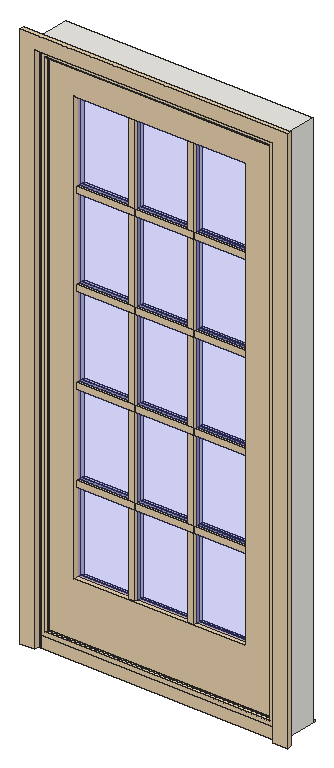
Revit family "1Door-Inswing-Andersen-400_Series-Stationary", category Doors, host Wall, Revit 2013 (continued)
Dimensions and locks (in)
  aligned and locked: plane 9 "Frame S2" to Masking region 3 sketch curve
  aligned and locked: level to Masking region 3 sketch curve
  aligned and locked: plane 12 "Casing S1" to Masking region 4 sketch curve
  aligned and locked: plane 18 "R Casing 3" to Masking region 4 sketch curve
  aligned and locked: Masking region 4 sketch curve to plane 19 "R Casing 4"
  aligned and locked: plane 16 "R Casing 1" to Masking region 4 sketch curve
  aligned and locked: plane 3 "R Frame" to Masking region 4 sketch curve
  aligned and locked: Masking region 4 sketch curve to plane 11 "Casing S2"
  aligned and locked: plane 17 "R Casing 2" to Masking region 4 sketch curve
  aligned and locked: Masking region 4 sketch curve to plane 12 "Casing S1"
  aligned and locked: plane 24 "L Casing 2" to Masking region 5 sketch curve
  aligned and locked: plane 12 "Casing S1" to Masking region 5 sketch curve  (x2)
  aligned and locked: Masking region 5 sketch curve to plane 22 "L Casing 4"
  aligned and locked: plane 4 "L Frame" to Masking region 5 sketch curve
  aligned and locked: plane 25 "L Casing 1" to Masking region 5 sketch curve
  aligned and locked: plane 11 "Casing S2" to Masking region 5 sketch curve
  aligned and locked: plane 23 "L Casing 3" to Masking region 5 sketch curve
  aligned and locked: Masking region 6 sketch curve to plane 12 "Casing S1"
  aligned and locked: Masking region 6 sketch curve to plane 19 "R Casing 4"
  aligned and locked: plane 10 "Flange" to Masking region 6 sketch curve
  aligned and locked: plane 3 "R Frame" to Masking region 6 sketch curve
  aligned and locked: Masking region 7 sketch curve to plane 12 "Casing S1"
  aligned and locked: Masking region 7 sketch curve to plane 4 "L Frame"
  aligned and locked: plane 10 "Flange" to Masking region 7 sketch curve
  aligned and locked: plane 22 "L Casing 4" to Masking region 7 sketch curve
  aligned and locked: curve 4 to plane 5 "T Frame"
  aligned and locked: level to Extrusion 5 sketch curve  (x2)
  aligned and locked: Extrusion 5 sketch curve to plane 33 "R Int Casing"
  aligned and locked: plane 39 "T Int Casing" to Extrusion 5 sketch curve
  aligned and locked: plane 36 "L Int Casing" to Extrusion 5 sketch curve
  aligned and locked: Extrusion 5 to host wall
  aligned and locked: Extrusion 5 to plane 8 "Interior Casing"
  aligned and locked: level to Extrusion 6 sketch curve  (x2)
  aligned and locked: Extrusion 6 sketch curve to plane 34 "R Xjamb 2"
  aligned and locked: plane 40 "T Xjamb 2" to Extrusion 6 sketch curve
  aligned and locked: plane 37 "L Xjamb 2" to Extrusion 6 sketch curve
  aligned and locked: plane 52 "Xjamb S1" to Extrusion 6
  aligned and locked: host wall to Extrusion 6
  aligned and locked: plane 10 "Flange" to Masking region 4 sketch curve
  aligned and locked: Masking region 5 sketch curve to plane 10 "Flange"
  aligned and locked: level to Sweep 7 sketch curve  (x2)
  aligned and locked: plane 4 "L Frame" to Sweep 7 sketch curve  (x2)
  aligned and locked: Sweep 7 sketch curve to plane 3 "R Frame"
  aligned and locked: plane 5 "T Frame" to Sweep 7 sketch curve
  aligned and locked: plane 5 "T Frame" to Sweep 8 sketch curve
  aligned and locked: plane 4 "L Frame" to Sweep 8 sketch curve  (x2)
  aligned and locked: Sweep 8 sketch curve to plane 3 "R Frame"
  aligned and locked: Sweep 8 sketch curve to plane 53 "Frame S1"
  aligned and locked: plane 9 "Frame S2" to Sweep 8 sketch curve
  aligned and locked: plane 4 "L Frame" to Sweep 9 sketch curve
  aligned and locked: plane 3 "R Frame" to Sweep 9 sketch curve
  aligned and locked: Sweep 9 sketch curve to level
  aligned and locked: plane 4 "L Frame" to Sweep 10 sketch curve
  aligned and locked: plane 3 "R Frame" to Sweep 10 sketch curve
  aligned and locked: plane 45 "B Panel" to Sweep 10 sketch curve  (x2)
  aligned and locked: plane 56 "Sill Interior" to Sweep 10 sketch curve
  aligned and locked: Sweep 10 sketch curve to plane 57 "Sill Exterior"
  aligned and locked: level to Sweep 10 sketch curve
  aligned and locked: Masking region 2 sketch curve to plane 57 "Sill Exterior"
  aligned and locked: plane 56 "Sill Interior" to Masking region 2 sketch curve
  aligned and locked: plane 9 "Frame S2" to curve 5
  aligned and locked: Masking region 8 sketch curve to plane 19 "R Casing 4"
  aligned and locked: plane 22 "L Casing 4" to Masking region 8 sketch curve
  aligned and locked: level to Masking region 8 sketch curve  (x2)
  aligned and locked: level to Masking region 9 sketch curve  (x2)
  aligned and locked: plane 36 "L Int Casing" to Masking region 9 sketch curve
  aligned and locked: Masking region 9 sketch curve to plane 33 "R Int Casing"
  aligned and locked: plane 39 "T Int Casing" to Masking region 9 sketch curve
  aligned and locked: plane 31 "T Casing 4" to Masking region 8 sketch curve
  aligned and locked: plane 5 "T Frame" to Masking region 9 sketch curve
  aligned and locked: plane 4 "L Frame" to Masking region 9 sketch curve
  aligned and locked: Masking region 9 sketch curve to plane 3 "R Frame"
  aligned and locked: Masking region 10 sketch curve to plane 59 "R Stop"
  aligned and locked: plane 58 "L Stop" to Masking region 10 sketch curve
  aligned and locked: level to Masking region 10 sketch curve
  aligned and locked: plane 60 "T Stop" to Masking region 10 sketch curve
  aligned and locked: curve 6 to plane 58 "L Stop"
  aligned and locked: curve 7 to plane 59 "R Stop"
  aligned and locked: Masking region 10 sketch curve to plane 3 "R Frame"
  aligned and locked: plane 5 "T Frame" to Masking region 10 sketch curve
  aligned and locked: plane 4 "L Frame" to Masking region 10 sketch curve
  aligned and locked: Masking region 10 sketch curve to plane 61 "Sill Height"
  aligned and locked: curve 8 to plane 35 "R Ext Frame"
  aligned and locked: curve 9 to plane 38 "L Ext Frame"
  aligned and locked: plane 3 "R Frame" to curve 14
  aligned and locked: curve 14 to plane 10 "Flange"
  aligned and locked: plane 4 "L Frame" to curve 15
  aligned and locked: plane 5 "T Frame" to curve 16
  aligned and locked: plane 10 "Flange" to curve 16
  aligned and locked: plane 9 "Frame S2" to Sweep 7 sketch curve
  aligned and locked: Sweep 7 sketch curve to plane 38 "L Ext Frame"  (x2)
  aligned and locked: Sweep 7 sketch curve to plane 53 "Frame S1"
  aligned and locked: Sweep 7 sketch curve to plane 58 "L Stop"
  aligned and locked: curve 59 to plane 53 "Frame S1"
  aligned and locked: plane 53 "Frame S1" to curve 45
  aligned and locked: plane 4 "L Frame" to curve 39
  aligned and locked: plane 3 "R Frame" to curve 53
  aligned and locked: plane 55 "Stop Interior" to Sweep 7 sketch curve
  aligned and locked: Sweep 8 sketch curve to plane 38 "L Ext Frame"
  aligned and locked: Sweep 9 sketch curve to plane 56 "Sill Interior"
  aligned and locked: level to Sweep 9 sketch curve
  aligned and locked: Sweep 9 sketch curve to plane 57 "Sill Exterior"
  aligned and locked: Sweep 9 sketch curve to plane 61 "Sill Height"
  aligned and locked: curve 94 to plane 61 "Sill Height"
  aligned and locked: curve 88 to plane 56 "Sill Interior"
  aligned and locked: plane 46 "B Glazing" to Sweep 11 sketch curve  (x2)
  aligned and locked: Sweep 11 sketch curve to plane 45 "B Panel"
  aligned and locked: plane 51 "Panel1 S2" to Sweep 11 sketch curve  (x2)
  aligned and locked: plane 44 "T Panel" to Sweep 11 sketch curve
  aligned and locked: Sweep 11 sketch curve to plane 47 "T Glazing"
  aligned and locked: Sweep 11 sketch curve to plane 62 "Glass1 S1"  (x2)
  aligned and locked: plane 46 "B Glazing" to Sweep 12 sketch curve  (x2)
  aligned and locked: Sweep 12 sketch curve to plane 50 "Panel1 S1"  (x2)
  aligned and locked: plane 62 "Glass1 S1" to Sweep 12 sketch curve  (x2)
  aligned and locked: Sweep 12 sketch curve to plane 47 "T Glazing"
  aligned and locked: plane 44 "T Panel" to Sweep 12 sketch curve
  aligned and locked: plane 48 "L Glazing" to Sweep 11 sketch curve
  aligned and locked: plane 49 "R Glazing" to Sweep 11 sketch curve
  aligned and locked: plane 49 "R Glazing" to Sweep 12 sketch curve
  aligned and locked: plane 48 "L Glazing" to Sweep 12 sketch curve
  aligned and locked: plane 45 "B Panel" to Sweep 13 sketch curve
  aligned and locked: Sweep 13 sketch curve to plane 2 "Center (Left/Right)"
  aligned and locked: plane 44 "T Panel" to Sweep 13 sketch curve
  aligned and locked: plane 49 "R Glazing" to Sweep 13 sketch curve
  aligned and locked: plane 51 "Panel1 S2" to Sweep 13 sketch curve
  aligned and locked: Sweep 13 sketch curve to plane 62 "Glass1 S1"
  aligned and locked: Sweep 13 sketch curve to plane 43 "R Panel"
  aligned and locked: Sweep 13 sketch curve to plane 42 "L Panel"
  aligned and locked: Sweep 13 sketch curve to plane 51 "Panel1 S2"
  aligned and locked: plane 62 "Glass1 S1" to Sweep 13 sketch curve
  aligned and locked: plane 48 "L Glazing" to Sweep 13 sketch curve
  aligned and locked: plane 44 "T Panel" to Sweep 14 sketch curve
  aligned and locked: Sweep 14 sketch curve to plane 2 "Center (Left/Right)"
  aligned and locked: plane 45 "B Panel" to Sweep 14 sketch curve
  aligned and locked: Sweep 14 sketch curve to plane 50 "Panel1 S1"
  aligned and locked: Sweep 14 sketch curve to plane 43 "R Panel"
  aligned and locked: plane 49 "R Glazing" to Sweep 14 sketch curve
  aligned and locked: plane 62 "Glass1 S1" to Sweep 14 sketch curve
  aligned and locked: plane 50 "Panel1 S1" to Sweep 14 sketch curve
  aligned and locked: plane 48 "L Glazing" to Sweep 14 sketch curve
  aligned and locked: Sweep 14 sketch curve to plane 42 "L Panel"
  aligned and locked: Sweep 14 sketch curve to plane 62 "Glass1 S1"
  aligned and locked: Sweep 15 sketch curve to plane 43 "R Panel"
  aligned and locked: plane 42 "L Panel" to Sweep 15 sketch curve
  aligned and locked: Sweep 15 sketch curve to plane 45 "B Panel"  (x2)
  aligned and locked: plane 44 "T Panel" to Sweep 15 sketch curve
  aligned and locked: Sweep 15 sketch curve to plane 50 "Panel1 S1"
  aligned and locked: plane 46 "B Glazing" to Sweep 16 sketch curve
  aligned and locked: plane 62 "Glass1 S1" to Sweep 16 sketch curve
  aligned and locked: plane 63 "Glass1 S3" to Sweep 16 sketch curve
  aligned and locked: plane 47 "T Glazing" to Sweep 16 sketch curve
  aligned and locked: Sweep 16 sketch curve to plane 49 "R Glazing"
  aligned and locked: plane 48 "L Glazing" to Sweep 16 sketch curve
  aligned and locked: Sweep 16 sketch curve to plane 46 "B Glazing"
  aligned and locked: curve 155 to plane 63 "Glass1 S3"
  aligned and locked: curve 156 to plane 64 "Glass1 S2"
  aligned and locked: plane 46 "B Glazing" to curve 156
  aligned and locked: plane 46 "B Glazing" to curve 155
  aligned and locked: plane 47 "T Glazing" to curve 155
  aligned and locked: plane 47 "T Glazing" to curve 156
  aligned and locked: plane 47 "T Glazing" to curve 157
  aligned and locked: plane 47 "T Glazing" to curve 158
  aligned and locked: plane 46 "B Glazing" to curve 157
  aligned and locked: plane 46 "B Glazing" to curve 158
  aligned and locked: curve 157 to plane 65 "Glass1 S4"
  aligned and locked: curve 158 to plane 62 "Glass1 S1"
  aligned and locked: plane 47 "T Glazing" to curve 159
  aligned and locked: plane 46 "B Glazing" to curve 159
  aligned and locked: curve 159 to plane 51 "Panel1 S2"
  aligned and locked: plane 47 "T Glazing" to curve 160
  aligned and locked: plane 46 "B Glazing" to curve 160
  aligned and locked: curve 160 to plane 50 "Panel1 S1"
  aligned and locked: plane 64 "Glass1 S2" to curve 221
  aligned and locked: plane 49 "R Glazing" to curve 221
  aligned and locked: plane 48 "L Glazing" to curve 221
  aligned and locked: plane 48 "L Glazing" to curve 222
  aligned and locked: plane 63 "Glass1 S3" to curve 222
  aligned and locked: plane 49 "R Glazing" to curve 222
  aligned and locked: plane 62 "Glass1 S1" to curve 223
  aligned and locked: plane 49 "R Glazing" to curve 223
  aligned and locked: plane 65 "Glass1 S4" to curve 224
  aligned and locked: plane 49 "R Glazing" to curve 224
  aligned and locked: plane 48 "L Glazing" to curve 224
  aligned and locked: plane 48 "L Glazing" to curve 223
  aligned and locked: plane 48 "L Glazing" to curve 225
  aligned and locked: plane 49 "R Glazing" to curve 225
  aligned and locked: plane 50 "Panel1 S1" to curve 225
  aligned and locked: plane 49 "R Glazing" to curve 226
  aligned and locked: plane 48 "L Glazing" to curve 226
  aligned and locked: plane 51 "Panel1 S2" to curve 226
  aligned and locked: Masking region 11 sketch curve to plane 43 "R Panel"
  aligned and locked: Masking region 11 sketch curve to plane 45 "B Panel"
  aligned and locked: plane 42 "L Panel" to Masking region 11 sketch curve
  aligned and locked: plane 44 "T Panel" to Masking region 11 sketch curve
  aligned and locked: curve 230 to plane 49 "R Glazing"
  aligned and locked: curve 229 to plane 46 "B Glazing"
  aligned and locked: plane 47 "T Glazing" to curve 227
  aligned and locked: plane 48 "L Glazing" to curve 228
  aligned and locked: nested 1 to plane 47 "T Glazing"
  aligned and locked: nested 1 to plane 2 "Center (Left/Right)"
  aligned and locked: nested 2 to plane 47 "T Glazing"
  aligned and locked: nested 5 to plane 47 "T Glazing"
  aligned and locked: nested 4 to plane 48 "L Glazing"
  aligned and locked: nested 3 to plane 48 "L Glazing"
  aligned and locked: nested 6 to plane 48 "L Glazing"
  aligned and locked: nested 7 to plane 48 "L Glazing"
  aligned and locked: plane 37 "L Xjamb 2" to curve 231
  aligned and locked: plane 38 "L Ext Frame" to curve 231
  aligned and locked: plane 53 "Frame S1" to curve 231
  aligned and locked: plane 67 "L Xjamb 1" to Extrusion 6 sketch curve
  aligned and locked: Extrusion 6 sketch curve to plane 68 "R Xjamb S1"
  aligned and locked: plane 69 "T Xjamb S1" to Extrusion 6 sketch curve
  aligned and locked: Extrusion 5 sketch curve to plane 68 "R Xjamb S1"
  aligned and locked: plane 69 "T Xjamb S1" to Extrusion 5 sketch curve
  aligned and locked: plane 67 "L Xjamb 1" to Extrusion 5 sketch curve
  aligned and locked: Masking region 12 sketch curve to plane 33 "R Int Casing"
  aligned and locked: host wall to Masking region 12 sketch curve
  aligned and locked: plane 68 "R Xjamb S1" to Masking region 12 sketch curve
  aligned and locked: plane 8 "Interior Casing" to Masking region 12 sketch curve
  aligned and locked: Masking region 13 sketch curve to plane 52 "Xjamb S1"
  aligned and locked: plane 68 "R Xjamb S1" to Masking region 13 sketch curve
  aligned and locked: Masking region 13 sketch curve to host wall
  aligned and locked: Masking region 13 sketch curve to plane 34 "R Xjamb 2"
  aligned and locked: host wall to Masking region 14 sketch curve
  aligned and locked: plane 36 "L Int Casing" to Masking region 14 sketch curve
  aligned and locked: plane 8 "Interior Casing" to Masking region 14 sketch curve
  aligned and locked: Masking region 14 sketch curve to plane 67 "L Xjamb 1"
  aligned and locked: Masking region 15 sketch curve to plane 52 "Xjamb S1"
  aligned and locked: plane 37 "L Xjamb 2" to Masking region 15 sketch curve
  aligned and locked: Masking region 15 sketch curve to host wall
  aligned and locked: Masking region 15 sketch curve to plane 67 "L Xjamb 1"
  aligned and locked: Masking region 16 sketch curve to plane 52 "Xjamb S1"
  aligned and locked: plane 40 "T Xjamb 2" to Masking region 16 sketch curve
  aligned and locked: Masking region 16 sketch curve to host wall
  aligned and locked: level to Masking region 16 sketch curve
  aligned and locked: host wall to Masking region 17 sketch curve
  aligned and locked: plane 39 "T Int Casing" to Masking region 17 sketch curve
  aligned and locked: plane 8 "Interior Casing" to Masking region 17 sketch curve
  aligned and locked: level to Masking region 17 sketch curve
  aligned and locked: plane 52 "Xjamb S1" to curve 232
  aligned and locked: plane 8 "Interior Casing" to curve 233
  aligned and locked: host wall to curve 233
  aligned and locked: plane 69 "T Xjamb S1" to curve 232
  aligned and locked: plane 69 "T Xjamb S1" to curve 233
  aligned and locked: plane 10 "Flange" to curve 15
  aligned and locked: curve 242 to plane 5 "T Frame"
  aligned and locked: curve 241 to plane 9 "Frame S2"
  aligned and locked: Split face 1 sketch curve to plane 62 "Glass1 S1"
  aligned and locked: plane 62 "Glass1 S1" to Split face 2 sketch curve
  aligned and locked: Split face 3 sketch curve to plane 62 "Glass1 S1"
  aligned and locked: plane 62 "Glass1 S1" to Split face 4 sketch curve
  aligned and locked: plane 61 "Sill Height" to Sweep 17 sketch curve  (x2)
  aligned and locked: Sweep 17 sketch curve to plane 35 "R Ext Frame"
  aligned and locked: plane 38 "L Ext Frame" to Sweep 17 sketch curve
  aligned and locked: plane 51 "Panel1 S2" to Sweep 17 sketch curve
  aligned and locked: plane 41 "T Ext Frame" to Sweep 17 sketch curve
  aligned and locked: plane 45 "B Panel" to Sweep 18 sketch curve
  aligned and locked: level to Sweep 18 sketch curve
  aligned and locked: plane 2 "Center (Left/Right)" to Sweep 18 sketch curve
  aligned and locked: plane 4 "L Frame" to Sweep 18 sketch curve
  aligned and locked: Sweep 18 sketch curve to plane 38 "L Ext Frame"
  aligned and locked: plane 56 "Sill Interior" to Sweep 18 sketch curve
  aligned and locked: plane 3 "R Frame" to Sweep 18 sketch curve
  aligned and locked: Sweep 18 sketch curve to plane 35 "R Ext Frame"
  aligned and locked: Sweep 18 sketch curve to plane 56 "Sill Interior"
  aligned and locked: Sweep 8 to Sweep 18 sketch curve
  aligned and locked: Sweep 18 sketch curve to Sweep 8
  aligned and locked: plane 4 "L Frame" to Masking region 8 sketch curve
  aligned and locked: plane 5 "T Frame" to Masking region 8 sketch curve
  aligned and locked: Masking region 8 sketch curve to plane 3 "R Frame"
  aligned and locked: plane 2 "Center (Left/Right)" to Sweep 19 sketch curve
  aligned and locked: level to Sweep 19 sketch curve
  aligned and locked: plane 66 "Vert Bar length" to Sweep 19 sketch curve
  aligned and locked: plane 4 "L Frame" to Sweep 19 sketch curve
  aligned and locked: Sweep 19 sketch curve to plane 53 "Frame S1"
  aligned and locked: Sweep 19 sketch curve to plane 38 "L Ext Frame"  (x2)
  aligned and locked: Sweep 19 sketch curve to plane 58 "L Stop"
  aligned and locked: plane 9 "Frame S2" to Sweep 19 sketch curve
  aligned and locked: curve 41 to Sweep 19 sketch curve
  aligned and locked: plane 3 "R Frame" to Sweep 19 sketch curve
  aligned and locked: plane 53 "Frame S1" to Sweep 19 sketch curve
  aligned and locked: Sweep 19 sketch curve to plane 35 "R Ext Frame"  (x2)
  aligned and locked: Sweep 19 sketch curve to plane 9 "Frame S2"
  aligned and locked: Sweep 19 sketch curve to Sweep 7  (x3)
Automatic sketch dimensions
  curve 32 to curve 38 = 0' - 1.12165"
  curve 37 to curve 37 = 0' - 0.2407"
  curve 37 to curve 44 = 0' - 1.00115"
  curve 43 to curve 44 = 0' - 0.15518"
  curve 36 to curve 42 = 0' - 1.13732"
  curve 41 to curve 42 = 0' - 0.437"
  curve 35 to curve 270 = 0' - 1 3/8"
  curve 268 to curve 268 = 0' - 0.186"
  curve 268 to curve 34 = 0' - 0.221"
  curve 268 to curve 267 = 0' - 0.252"
  curve 302 to curve 32 = 0' - 0 15/32"
  curve 270 to curve 268 = 0' - 0.05942"
  curve 36 to curve 270 = 0' - 0.15695"
  curve 268 to curve 269 = 0' - 0.031"
  curve 268 to curve 267 = 0' - 0.20503"
  curve 36 to curve 35 = 0' - 0.4525"
  curve 36 to curve 43 = 0' - 0 11/16"
  curve 37 to curve 38 = 0' - 0 11/32"
  curve 32 to curve 40 = 0' - 1 1/32"
  curve 302 to curve 302 = 0' - 0 5/32"
  curve 29 to curve 21 = 0' - 1.12165"
  curve 20 to curve 20 = 0' - 0.2407"
  curve 20 to curve 27 = 0' - 1.00115"
  curve 26 to curve 27 = 0' - 0.15518"
  curve 19 to curve 25 = 0' - 1.13732"
  curve 24 to curve 25 = 0' - 0.437"
  curve 18 to curve 275 = 0' - 1 3/8"
  curve 273 to curve 273 = 0' - 0.186"
  curve 273 to curve 17 = 0' - 0.221"
  curve 273 to curve 272 = 0' - 0.252"
  curve 303 to curve 29 = 0' - 0 15/32"
  curve 275 to curve 273 = 0' - 0.05942"
  curve 19 to curve 275 = 0' - 0.15695"
  curve 273 to curve 274 = 0' - 0.031"
  curve 273 to curve 272 = 0' - 0.20503"
  curve 19 to curve 18 = 0' - 0.4525"
  curve 19 to curve 26 = 0' - 0 11/16"
  curve 20 to curve 21 = 0' - 0 11/32"
  curve 29 to curve 23 = 0' - 1 1/32"
  curve 303 to curve 303 = 0' - 0 5/32"
  curve 52 to curve 46 = 0' - 1.12165"
  curve 51 to curve 51 = 0' - 0.2407"
  curve 58 to curve 51 = 0' - 1.00115"
  curve 58 to curve 57 = 0' - 0.15518"
  curve 56 to curve 50 = 0' - 1.13732"
  curve 56 to curve 55 = 0' - 0.437"
  curve 280 to curve 49 = 0' - 1 3/8"
  curve 278 to curve 278 = 0' - 0.186"
  curve 48 to curve 278 = 0' - 0.221"
  curve 277 to curve 278 = 0' - 0.252"
  curve 46 to curve 304 = 0' - 0 15/32"
  curve 278 to curve 280 = 0' - 0.05942"
  curve 50 to curve 280 = 0' - 0.15695"
  curve 278 to curve 279 = 0' - 0.031"
  curve 278 to curve 277 = 0' - 0.20503"
  curve 50 to curve 49 = 0' - 0.4525"
  curve 50 to curve 57 = 0' - 0 11/16"
  curve 51 to curve 52 = 0' - 0 11/32"
  curve 46 to curve 54 = 0' - 1 1/32"
  curve 304 to curve 304 = 0' - 0 5/32"
  curve 210 to curve 215 = 0' - 0"
  curve 204 to curve 214 = 0' - 0"
  curve 204 to curve 203 = 0' - 0.031"
  curve 211 to curve 203 = 0' - 0.23603"
  curve 208 to curve 208 = 0' - 0 3/4"
  curve 207 to curve 202 = 0' - 0"
  curve 207 to curve 219 = 0' - 3.07115"
  curve 217 to curve 213 = 0' - 0.61635"
  curve 212 to curve 210 = 0' - 0.03034"
  curve 216 to curve 215 = 0' - 0.21"
  curve 212 to curve 210 = 0' - 0.31225"
  curve 209 to curve 209 = 0' - 0.094"
  curve 212 to curve 217 = 0' - 0.64549"
  curve 217 to curve 218 = 0' - 0.01076"
  curve 208 to curve 206 = 0' - 0 3/4"
  curve 205 to curve 204 = 0' - 0.062"
  curve 204 to curve 204 = 0' - 0.186"
  curve 203 to curve 202 = 0' - 0.252"
  curve 202 to curve 211 = 0' - 0.06225"
  curve 207 to curve 215 = 0' - 0.156"
  curve 214 to curve 206 = 0' - 0.1565"
  curve 190 to curve 195 = 0' - 0"
  curve 184 to curve 194 = 0' - 0"
  curve 184 to curve 183 = 0' - 0.031"
  curve 191 to curve 183 = 0' - 0.23603"
  curve 188 to curve 188 = 0' - 0 3/4"
  curve 187 to curve 182 = 0' - 0"
  curve 187 to curve 199 = 0' - 3.07115"
  curve 197 to curve 193 = 0' - 0.61635"
  curve 192 to curve 190 = 0' - 0.03034"
  curve 196 to curve 195 = 0' - 0.21"
  curve 190 to curve 192 = 0' - 0.31225"
  curve 189 to curve 189 = 0' - 0.094"
  curve 197 to curve 192 = 0' - 0.64549"
  curve 198 to curve 197 = 0' - 0.01076"
  curve 186 to curve 188 = 0' - 0 3/4"
  curve 184 to curve 185 = 0' - 0.062"
  curve 184 to curve 184 = 0' - 0.186"
  curve 182 to curve 183 = 0' - 0.252"
  curve 191 to curve 182 = 0' - 0.06225"
  curve 195 to curve 187 = 0' - 0.156"
  curve 186 to curve 194 = 0' - 0.1565"
  curve 170 to curve 175 = 0' - 0"
  curve 164 to curve 174 = 0' - 0"
  curve 164 to curve 163 = 0' - 0.031"
  curve 171 to curve 163 = 0' - 0.23603"
  curve 168 to curve 168 = 0' - 0 3/4"
  curve 167 to curve 162 = 0' - 0"
  curve 167 to curve 179 = 0' - 3.07115"
  curve 177 to curve 173 = 0' - 0.61635"
  curve 172 to curve 170 = 0' - 0.03034"
  curve 176 to curve 175 = 0' - 0.21"
  curve 170 to curve 172 = 0' - 0.31225"
  curve 169 to curve 169 = 0' - 0.094"
  curve 177 to curve 172 = 0' - 0.64549"
  curve 178 to curve 177 = 0' - 0.01076"
  curve 166 to curve 168 = 0' - 0 3/4"
  curve 164 to curve 165 = 0' - 0.062"
  curve 164 to curve 164 = 0' - 0.186"
  curve 162 to curve 163 = 0' - 0.252"
  curve 171 to curve 162 = 0' - 0.06225"
  curve 175 to curve 167 = 0' - 0.156"
  curve 166 to curve 174 = 0' - 0.1565"
  curve 285 to curve 286 = 0' - 0.031"
  curve 284 to curve 284 = 0' - 0.252"
  curve 282 to curve 282 = 0' - 0.186"
  curve 85 to curve 116 = 0' - 0.469"
  curve 116 to curve 121 = 0' - 0.06225"
  curve 116 to curve 128 = 0' - 0.31425"
  curve 127 to curve 127 = 0' - 0.186"
  curve 126 to curve 126 = 0' - 0.062"
  curve 116 to curve 117 = 0' - 1.063"
  curve 117 to curve 119 = 0' - 0.01076"
  curve 130 to curve 123 = 0' - 0 3/4"
  curve 117 to curve 93 = 0' - 0 1/4"
  curve 123 to curve 124 = 0' - 0.094"
  curve 92 to curve 134 = 0' - 0.4055"
  curve 133 to curve 93 = 0' - 0.0005"
  curve 89 to curve 91 = 0' - 2.3745"
  curve 86 to curve 86 = 0' - 1 21/32"
  curve 85 to curve 86 = 0' - 0"
  curve 305 to curve 116 = 0' - 0.00025"
  curve 130 to curve 129 = 0' - 0.156"
  curve 132 to curve 120 = 0' - 0.156"
  curve 94 to curve 92 = 0' - 0"
  curve 86 to curve 86 = 0' - 0.07827"
  curve 86 to curve 91 = 0' - 0.51602"
  curve 90 to curve 90 = 0' - 0.20571"
  curve 89 to curve 88 = 0' - 0.71574"
  curve 305 to curve 116 = 0' - 0.1868"
  curve 117 to curve 92 = 0' - 0.2977"
  curve 285 to curve 284 = 0' - 0.63827"
  curve 89 to curve 115 = 0' - 0.31866"
  curve 284 to curve 284 = 0' - 0.20503"
  curve 282 to curve 282 = 0' - 0.031"
  curve 283 to curve 122 = 0' - 7.1882"
  curve 121 to curve 120 = 0' - 0"
  curve 120 to curve 121 = 0' - 0.51397"
  curve 121 to curve 128 = 0' - 0.20503"
  curve 127 to curve 127 = 0' - 0.031"
  curve 120 to curve 124 = 0' - 0 3/4"
  curve 87 to curve 86 = 0' - 0.17176"
  curve 88 to curve 85 = 0' - 1 11/16"
  curve 84 to curve 87 = 0' - 0"
  curve 116 to curve 305 = 0' - 0.0007"
  curve 132 to curve 129 = 0' - 0.335"
  curve 124 to curve 124 = 0' - 0.03034"
  curve 126 to curve 131 = 0' - 0"
  curve 124 to curve 115 = 0' - 0.03034"
  curve 121 to curve 116 = 0' - 0.23603"
  curve 132 to curve 123 = 0' - 0"
  curve 290 to curve 291 = 0' - 0.031"
  curve 289 to curve 289 = 0' - 0.252"
  curve 287 to curve 287 = 0' - 0.186"
  curve 74 to curve 96 = 0' - 0.469"
  curve 96 to curve 101 = 0' - 0.06225"
  curve 96 to curve 108 = 0' - 0.31425"
  curve 107 to curve 107 = 0' - 0.186"
  curve 106 to curve 106 = 0' - 0.062"
  curve 96 to curve 97 = 0' - 1.063"
  curve 97 to curve 99 = 0' - 0.01076"
  curve 110 to curve 103 = 0' - 0 3/4"
  curve 97 to curve 82 = 0' - 0 1/4"
  curve 103 to curve 104 = 0' - 0.094"
  curve 81 to curve 114 = 0' - 0.4055"
  curve 113 to curve 82 = 0' - 0.0005"
  curve 78 to curve 80 = 0' - 2.3745"
  curve 75 to curve 75 = 0' - 1 21/32"
  curve 74 to curve 75 = 0' - 0"
  curve 306 to curve 96 = 0' - 0.00025"
  curve 110 to curve 109 = 0' - 0.156"
  curve 112 to curve 100 = 0' - 0.156"
  curve 83 to curve 81 = 0' - 0"
  curve 75 to curve 75 = 0' - 0.07827"
  curve 75 to curve 80 = 0' - 0.51602"
  curve 79 to curve 79 = 0' - 0.20571"
  curve 78 to curve 77 = 0' - 0.71574"
  curve 306 to curve 96 = 0' - 0.1868"
  curve 97 to curve 81 = 0' - 0.2977"
  curve 290 to curve 289 = 0' - 0.63827"
  curve 78 to curve 95 = 0' - 0.31866"
  curve 289 to curve 289 = 0' - 0.20503"
  curve 287 to curve 287 = 0' - 0.031"
  curve 288 to curve 102 = 0' - 7.1882"
  curve 101 to curve 100 = 0' - 0"
  curve 100 to curve 101 = 0' - 0.51397"
  curve 101 to curve 108 = 0' - 0.20503"
  curve 107 to curve 107 = 0' - 0.031"
  curve 100 to curve 104 = 0' - 0 3/4"
  curve 76 to curve 75 = 0' - 0.17176"
  curve 77 to curve 74 = 0' - 1 11/16"
  curve 73 to curve 76 = 0' - 0"
  curve 96 to curve 306 = 0' - 0.0007"
  curve 112 to curve 109 = 0' - 0.335"
  curve 104 to curve 104 = 0' - 0.03034"
  curve 106 to curve 111 = 0' - 0"
  curve 104 to curve 95 = 0' - 0.03034"
  curve 101 to curve 96 = 0' - 0.23603"
  curve 112 to curve 103 = 0' - 0"
  curve 295 to curve 296 = 0' - 0.031"
  curve 294 to curve 294 = 0' - 0.252"
  curve 292 to curve 292 = 0' - 0.186"
  curve 248 to curve 253 = 0' - 0.06225"
  curve 248 to curve 259 = 0' - 0.31425"
  curve 259 to curve 258 = 0' - 0.186"
  curve 258 to curve 262 = 0' - 0.062"
  curve 248 to curve 265 = 0' - 1.063"
  curve 249 to curve 250 = 0' - 0.01076"
  curve 258 to curve 257 = 0' - 0 3/4"
  curve 249 to curve 245 = 0' - 0.24975"
  curve 255 to curve 256 = 0' - 0.094"
  curve 244 to curve 250 = 0' - 0.4055"
  curve 247 to curve 243 = 0' - 0.0315"
  curve 235 to curve 235 = 0' - 1.13732"
  curve 235 to curve 236 = 0' - 0.15518"
  curve 236 to curve 237 = 0' - 1.00115"
  curve 237 to curve 239 = 0' - 0.2407"
  curve 238 to curve 240 = 0' - 1.12165"
  curve 307 to curve 248 = 0' - 0.0005"
  curve 292 to curve 293 = 0' - 0.06225"
  curve 258 to curve 263 = 0' - 0.156"
  curve 261 to curve 252 = 0' - 0.156"
  curve 264 to curve 257 = 0' - 0"
  curve 258 to curve 263 = 0' - 0"
  curve 258 to curve 260 = 0' - 0.031"
  curve 248 to curve 253 = 0' - 0.23603"
  curve 255 to curve 255 = 0' - 0 3/4"
  curve 252 to curve 254 = 0' - 0"
  curve 252 to curve 243 = 0' - 2 13/16"
  curve 235 to curve 293 = 0' - 0.15695"
  curve 292 to curve 294 = 0' - 0.031"
  curve 235 to curve 266 = 0' - 0.25865"
  curve 292 to curve 295 = 0' - 0.20503"
  curve 250 to curve 244 = 0' - 0.19385"
  curve 235 to curve 237 = 0' - 0 11/16"
  curve 244 to curve 251 = 0' - 0.4225"
  curve 248 to curve 295 = 0' - 0 5/32"
  curve 234 to curve 240 = 0' - 1 1/32"
  curve 247 to curve 256 = 0' - 0.03032"
  curve 261 to curve 264 = 0' - 0.335"
  curve 307 to curve 248 = 0' - 0"
  curve 300 to curve 301 = 0' - 0.031"
  curve 299 to curve 299 = 0' - 0.252"
  curve 297 to curve 297 = 0' - 0.186"
  curve 136 to curve 141 = 0' - 0.06225"
  curve 136 to curve 147 = 0' - 0.31425"
  curve 147 to curve 146 = 0' - 0.186"
  curve 146 to curve 150 = 0' - 0.062"
  curve 136 to curve 153 = 0' - 1.063"
  curve 137 to curve 138 = 0' - 0.01076"
  curve 146 to curve 145 = 0' - 0 3/4"
  curve 137 to curve 71 = 0' - 0.24975"
  curve 143 to curve 144 = 0' - 0.094"
  curve 70 to curve 138 = 0' - 0.4055"
  curve 135 to curve 69 = 0' - 0.0315"
  curve 61 to curve 61 = 0' - 1.13732"
  curve 61 to curve 62 = 0' - 0.15518"
  curve 62 to curve 63 = 0' - 1.00115"
  curve 63 to curve 65 = 0' - 0.2407"
  curve 64 to curve 66 = 0' - 1.12165"
  curve 308 to curve 136 = 0' - 0.0005"
  curve 297 to curve 298 = 0' - 0.06225"
  curve 146 to curve 151 = 0' - 0.156"
  curve 149 to curve 140 = 0' - 0.156"
  curve 152 to curve 145 = 0' - 0"
  curve 146 to curve 151 = 0' - 0"
  curve 146 to curve 148 = 0' - 0.031"
  curve 136 to curve 141 = 0' - 0.23603"
  curve 143 to curve 143 = 0' - 0 3/4"
  curve 140 to curve 142 = 0' - 0"
  curve 140 to curve 69 = 0' - 2 13/16"
  curve 61 to curve 298 = 0' - 0.15695"
  curve 297 to curve 299 = 0' - 0.031"
  curve 61 to curve 154 = 0' - 0.25865"
  curve 297 to curve 300 = 0' - 0.20503"
  curve 138 to curve 70 = 0' - 0.19385"
  curve 61 to curve 63 = 0' - 0 11/16"
  curve 70 to curve 139 = 0' - 0.4225"
  curve 136 to curve 300 = 0' - 0 5/32"
  curve 60 to curve 66 = 0' - 1 1/32"
  curve 135 to curve 144 = 0' - 0.03032"
  curve 149 to curve 152 = 0' - 0.335"
  curve 308 to curve 136 = 0' - 0"
  curve 248 to curve 252 = 0' - 0 3/4"
  curve 256 to curve 247 = 0' - 0"
  curve 258 to curve 261 = 0' - 0.415"
  curve 136 to curve 140 = 0' - 0 3/4"
  curve 144 to curve 135 = 0' - 0"
  curve 146 to curve 149 = 0' - 0.415"
  curve 4 to plane 53 "Frame S1" = 0' - 0"
  curve 3 to plane 53 "Frame S1" = 0' - 0"
  Masking region 1 sketch curve to plane 53 "Frame S1" = 0' - 0"
  Masking region 3 sketch curve to plane 53 "Frame S1" = 0' - 0"
  Masking region 4 sketch curve to plane 53 "Frame S1" = 0' - 0"
  Masking region 5 sketch curve to plane 53 "Frame S1" = 0' - 0"
  profile plane to Sweep 7 sketch curve = 0' - 1.61"
  Sweep 7 sketch curve to plane 10 "Flange" = 0' - 2.7805"
  Sweep 7 sketch curve to plane 10 "Flange" = 0' - 0.04984"
  Sweep 7 sketch curve to Sweep 7 sketch curve = 0' - 0 11/32"
  Sweep 7 sketch curve to Sweep 7 sketch curve = 0' - 1.13732"
  Sweep 7 sketch curve to Sweep 7 sketch curve = 0' - 0.15518"
  plane 10 "Flange" to Sweep 7 sketch curve = 0' - 0.19085"
  Sweep 8 sketch curve to level = 0' - 0"  (x2)
  curve 31 to plane 35 "R Ext Frame" = 0' - 0"
  curve 31 to plane 53 "Frame S1" = 0' - 0"
  curve 5 to plane 3 "R Frame" = 0' - 0"
  curve 31 to plane 3 "R Frame" = 0' - 0"
  curve 5 to plane 16 "R Casing 1" = 0' - 0 1/8"
  Sweep 9 sketch curve to profile plane = 0' - 0.17176"
  Sweep 9 sketch curve to plane 10 "Flange" = 0' - 2.7805"
  plane 10 "Flange" to Sweep 9 sketch curve = 0' - 0.0005"
  Sweep 9 sketch curve to profile plane = 0' - 0 1/4"
  Sweep 9 sketch curve to Sweep 9 sketch curve = 0' - 0.516"
  Sweep 9 sketch curve to Sweep 9 sketch curve = 0' - 0.71574"
  Sweep 9 sketch curve to Sweep 9 sketch curve = 0' - 0.4845"
  Sweep 9 sketch curve to Sweep 9 sketch curve = 0' - 0.406"
  curve 6 to level = 0' - 0"
  curve 7 to level = 0' - 0"
  curve 7 to plane 61 "Sill Height" = 0' - 0"
  curve 6 to plane 61 "Sill Height" = 0' - 0"
  curve 9 to plane 41 "T Ext Frame" = 0' - 0"
  plane 25 "L Casing 1" to curve 12 = 0' - 0 1/8"
  curve 9 to level = 0' - 0"
  curve 8 to level = 0' - 0"
  curve 11 to level = 0' - 0"
  curve 10 to plane 16 "R Casing 1" = 0' - 0 1/8"
  plane 28 "T Casing 1" to curve 12 = 0' - 0 1/8"
  level to curve 10 = 0' - 0.04794"
  profile plane to Sweep 12 sketch curve = 0' - 8 5/8"
  profile plane to Sweep 15 sketch curve = 0' - 0.297"
  Sweep 15 sketch curve to plane 10 "Flange" = 0' - 2.81175"
  Split face 1 sketch curve to Sweep 10 = 0' - 0"  (x2)
  Sweep 8 to Split face 2 sketch curve = 0' - 0"  (x2)
  Split face 3 sketch curve to Sweep 8 = 0' - 0"  (x2)
  Split face 4 sketch curve to Sweep 8 = 0' - 0"
  Sweep 8 to Split face 4 sketch curve = 0' - 0"
  Sweep 17 sketch curve to profile plane = 0' - 0.63827"
  Sweep 17 sketch curve to profile plane = 0' - 0.8433"
  Sweep 17 sketch curve to plane 10 "Flange" = 0' - 4.3415"
  Sweep 17 sketch curve to Sweep 17 sketch curve = 0' - 0.06175"
  Sweep 19 sketch curve to Sweep 19 sketch curve = 0' - 0.15518"  (x2)
  Sweep 19 sketch curve to plane 10 "Flange" = 0' - 2.7805"
  Sweep 19 sketch curve to Sweep 19 sketch curve = 0' - 0.4525"
  Sweep 19 sketch curve to Sweep 19 sketch curve = 0' - 0.57875"
  Sweep 19 sketch curve to plane 10 "Flange" = 0' - 1.051"
  Sweep 19 sketch curve to Sweep 19 sketch curve = 0' - 0 11/16"
  Sweep 19 sketch curve to Sweep 19 sketch curve = 0' - 0.437"  (x2)
  Sweep 19 sketch curve to plane 10 "Flange" = 0' - 0.04984"
  plane 10 "Flange" to Sweep 19 sketch curve = 0' - 0.19085"
Nested families (in)
  nested 1: "Andersen Grille Bar" at (0, -2.21875, 42.4375) x (-1, 0, 0) z (0, 1, 0), Bar Width <- "Grille Bar Size", Bar Length <- "TS V Bar Length", visible <- "TS S V", type "Andersen Grille Bar"
    with Glass / 2 0' - 0 1/8", Glass 0' - 0 5/8", Center Line Length 5' - 3 7/8", Center Line 2, Bar Width 0' - 0 7/8", Bar Length 5' - 3 7/8"
  nested 2: "Andersen Grille Bar" at (4.35417, -2.21875, 42.4375) x (-1, 0, 0) z (0, 1, 0), Bar Width <- "Grille Bar Size", Bar Length <- "TS V Bar Length", visible <- "TS M V", type "Andersen Grille Bar"
    with Glass / 2 0' - 0 1/8", Glass 0' - 0 5/8", Center Line Length 5' - 3 7/8", Center Line 2, Bar Width 0' - 0 7/8", Bar Length 5' - 3 7/8"
  nested 3: "Andersen Grille Bar" at (0, -2.21875, 42.4375) x (0, 0, 1) z (0, 1, 0), Bar Width <- "Grille Bar Size", visible <- "TS S H Craftsman", Bar Length <- "H DLO", type "Andersen Grille Bar"
    with Glass / 2 0' - 0 1/8", Glass 0' - 0 5/8", Center Line Length 2' - 1 1/4", Center Line 2, Bar Width 0' - 0 7/8", Bar Length 2' - 1 1/4"
  nested 4: "Andersen Grille Bar" at (0, -2.21875, 42.4375) x (0, 0, 1) z (0, 1, 0), Bar Width <- "Grille Bar Size", visible <- "TS S H", Bar Length <- "H DLO", type "Andersen Grille Bar"
    with Glass / 2 0' - 0 1/8", Glass 0' - 0 5/8", Center Line Length 2' - 1 1/4", Center Line 2, Bar Width 0' - 0 7/8", Bar Length 2' - 1 1/4"
  nested 5: "Andersen Grille Bar" at (-4.35417, -2.21875, 42.4375) x (-1, 0, 0) z (0, 1, 0), Bar Width <- "Grille Bar Size", Bar Length <- "TS V Bar Length", visible <- "TS M V", type "Andersen Grille Bar"
    with Glass / 2 0' - 0 1/8", Glass 0' - 0 5/8", Center Line Length 5' - 3 7/8", Center Line 2, Bar Width 0' - 0 7/8", Bar Length 5' - 3 7/8"
  nested 6: "Andersen Grille Bar" at (0, -2.21875, 61.8625) x (0, 0, 1) z (0, 1, 0), Bar Width <- "Grille Bar Size", visible <- "TS M H", Bar Length <- "H DLO", type "Andersen Grille Bar"
    with Glass / 2 0' - 0 1/8", Glass 0' - 0 5/8", Center Line Length 2' - 1 1/4", Center Line 2, Bar Width 0' - 0 7/8", Bar Length 2' - 1 1/4"
  nested 7: "Andersen Grille Bar" at (0, -2.21875, 23.0125) x (0, 0, 1) z (0, 1, 0), Bar Width <- "Grille Bar Size", visible <- "TS M H", Bar Length <- "H DLO", type "Andersen Grille Bar"
    with Glass / 2 0' - 0 1/8", Glass 0' - 0 5/8", Center Line Length 2' - 1 1/4", Center Line 2, Bar Width 0' - 0 7/8", Bar Length 2' - 1 1/4"
  nested 8: "Andersen Grille Bar" at (0, -2.21875, 48.9125) x (0, 0, 1) z (0, 1, 0), Bar Width <- "Grille Bar Size", visible <- "TS M H", Bar Length <- "H DLO", type "Andersen Grille Bar"
    with Glass / 2 0' - 0 1/8", Glass 0' - 0 5/8", Center Line Length 2' - 1 1/4", Center Line 2, Bar Width 0' - 0 7/8", Bar Length 2' - 1 1/4"
  nested 9: "Andersen Grille Bar" at (0, -2.21875, 35.9625) x (0, 0, 1) z (0, 1, 0), Bar Width <- "Grille Bar Size", visible <- "TS M H", Bar Length <- "H DLO", type "Andersen Grille Bar"
    with Glass / 2 0' - 0 1/8", Glass 0' - 0 5/8", Center Line Length 2' - 1 1/4", Center Line 2, Bar Width 0' - 0 7/8", Bar Length 2' - 1 1/4"
Definition of nested family "Andersen Grille Bar"
  Parameters (values of type "Andersen Grille Bar")
    Interior Bar Visibility = yes
    Interior Bar Material = none
    Glass / 2 [instance] = (Glass / 2) - 0' 0 3/16"  # 0' - 0 1/8"
    Glass [instance] = 0' - 0 5/8"
    Exterior Bar Visibility = yes
    Exterior Bar Finish = none
    Default Elevation = 4' - 0"
    Center Line Length [instance] = if(Center Line = 1, Bar Length + (Bar Width / 2), Bar Length)  # 0' - 4 7/16"
    Center Line [instance] = 1
    Between Glass Bar Visibility = yes
    Between Glass Bar Finish = none
    Bar Width [instance] = 0' - 0 7/8"
    Bar Length [instance] = 0' - 4"
  Reference planes (in)
    plane 1 "Center (Front/Back)": y = 0
    plane 2 "a": z = 0
    plane 3 "Center (Left/Right)": x = 0
    plane 4 "1": x = -0.4375
    plane 5 "2": x = 0.4375
    plane 6: y = 2
    plane 7: y = -2
    plane 8 "b": z = -0.625
    plane 9: z = -0.125
    plane 10: y = -2.4375
    plane 11 "a1": z = 12
    plane 12 "a2": z = -12
  Forms (in)
    Extrusion 1, solid
      sketch origin (0, 0, 0) x (1, 0, 0) y (0, 1, 0)
        loop
          line (-48, 48) -> (-48, -48) -> (48, -48) -> (48, 48) -> (-48, 48)
      from 0 to -12
    Extrusion 2, solid, material <- "Exterior Bar Finish", visible <- "Exterior Bar Visibility", detail levels fine
      sketch origin (0, 0, 0) x (1, 0, 0) y (0, 1, 0)
        loop
          line (-0.4375, 2) -> (-0.4375, -2) -> (0.4375, -2) -> (0.4375, 2) -> (-0.4375, 2)
      from 0 to 0.375
    Extrusion 3, solid, material <- "Between Glass Bar Finish", visible <- "Between Glass Bar Visibility", detail levels fine
      sketch origin (0, 0, 0) x (1, 0, 0) y (0, 1, 0)
        loop
          line (-0.4375, 2) -> (-0.4375, -2) -> (0.4375, -2) -> (0.4375, 2) -> (-0.4375, 2)
      from -0.5 to -0.125
    Extrusion 4, solid, material <- "Interior Bar Material", visible <- "Interior Bar Visibility", detail levels fine
      sketch origin (0, 0, 0) x (1, 0, 0) y (0, 1, 0)
        loop
          line (-0.4375, 2) -> (-0.4375, -2) -> (0.4375, -2) -> (0.4375, 2) -> (-0.4375, 2)
      from -1 to -0.625
  Lines and regions (in)
    model lines, style "GenericModel", detail levels coarse+medium
      curve 1: line (0, 2, 0) -> (0, -2.4375, 0)
    symbolic lines, style "GenericModel", detail levels coarse+medium
      curve 2: line (0, 2, 12) -> (0, -2.4375, 12)
      curve 3: line (0, 2, -12) -> (0, -2.4375, -12)
    model lines, style "InvisibleLines", not visible, detail levels coarse
      curve 4: line (0, 0, 12) -> (0, 0, -12)
    symbolic lines, detail levels fine
      curve 5: line (-0.4375, 2, 0) -> (-0.4375, -2, 0)
      curve 6: line (0.4375, 2, 0) -> (0.4375, -2, 0)
  Dimensions and locks (in)
    "Glass": plane 2 "a" to plane 8 "b"
    "Glass / 2": plane 2 "a" to plane 9
    locked: Extrusion 2 to Extrusion 2 at 0.375
    locked: plane 9 to Extrusion 3 at 0.375
    locked: plane 8 "b" to Extrusion 4 at 0.375
    equal spacing: plane 4 "1", plane 3 "Center (Left/Right)", plane 5 "2"
    equal spacing: plane 6, plane 1 "Center (Front/Back)", plane 7
    "Bar Width": plane 4 "1" to plane 5 "2"
    "Bar Length": plane 6 to plane 7
    "Center Line Length": plane 6 to plane 10
    locked: plane 11 "a1" to plane 2 "a" at 12
    locked: plane 2 "a" to plane 12 "a2" at 12
    aligned and locked: plane 2 "a" to Extrusion 1
    aligned and locked: level to Extrusion 1
    aligned and locked: Extrusion 2 to plane 2 "a"
    aligned and locked: Extrusion 2 to plane 4 "1"
    aligned and locked: plane 5 "2" to Extrusion 2
    aligned and locked: plane 6 to Extrusion 2
    aligned and locked: Extrusion 2 to plane 7
    aligned and locked: plane 9 to Extrusion 3
    aligned and locked: Extrusion 3 to plane 4 "1"
    aligned and locked: plane 5 "2" to Extrusion 3
    aligned and locked: plane 6 to Extrusion 3
    aligned and locked: Extrusion 3 to plane 7
    aligned and locked: plane 8 "b" to Extrusion 4
    aligned and locked: Extrusion 4 to plane 4 "1"
    aligned and locked: plane 5 "2" to Extrusion 4
    aligned and locked: plane 6 to Extrusion 4
    aligned and locked: Extrusion 4 to plane 7
    aligned and locked: plane 6 to curve 1
    aligned and locked: plane 10 to curve 1
    aligned and locked: curve 1 to plane 3 "Center (Left/Right)"
    aligned and locked: plane 6 to curve 2
    aligned and locked: plane 10 to curve 2
    aligned and locked: curve 2 to plane 3 "Center (Left/Right)"
    aligned and locked: plane 6 to curve 3
    aligned and locked: plane 10 to curve 3
    aligned and locked: curve 3 to plane 3 "Center (Left/Right)"
    aligned and locked: plane 11 "a1" to curve 4
    aligned and locked: plane 12 "a2" to curve 4
    aligned and locked: curve 4 to plane 1 "Center (Front/Back)"
    aligned and locked: plane 6 to curve 5
    aligned and locked: plane 6 to curve 6
    aligned and locked: plane 7 to curve 6
    aligned and locked: plane 7 to curve 5
    aligned and locked: curve 5 to plane 4 "1"
    aligned and locked: curve 6 to plane 5 "2"
  Automatic sketch dimensions
    Extrusion 1 sketch curve to Extrusion 1 sketch curve = 8' - 0"  (x2)
    plane 7 to Extrusion 2 sketch curve = 0' - 0"
    Extrusion 2 sketch curve to plane 5 "2" = 0' - 0 7/8"
    Extrusion 2 sketch curve to plane 6 = 0' - 0"
    Extrusion 2 sketch curve to Extrusion 2 sketch curve = 0' - 0 7/8"
    plane 7 to Extrusion 3 sketch curve = 0' - 0"
    Extrusion 3 sketch curve to plane 5 "2" = 0' - 0 7/8"
    Extrusion 3 sketch curve to plane 6 = 0' - 0"
    Extrusion 3 sketch curve to Extrusion 3 sketch curve = 0' - 0 7/8"
    Extrusion 4 sketch curve to plane 7 = 0' - 0"
    Extrusion 4 sketch curve to plane 5 "2" = 0' - 0 7/8"
    Extrusion 4 sketch curve to plane 6 = 0' - 0"
    Extrusion 4 sketch curve to Extrusion 4 sketch curve = 0' - 0 7/8"
